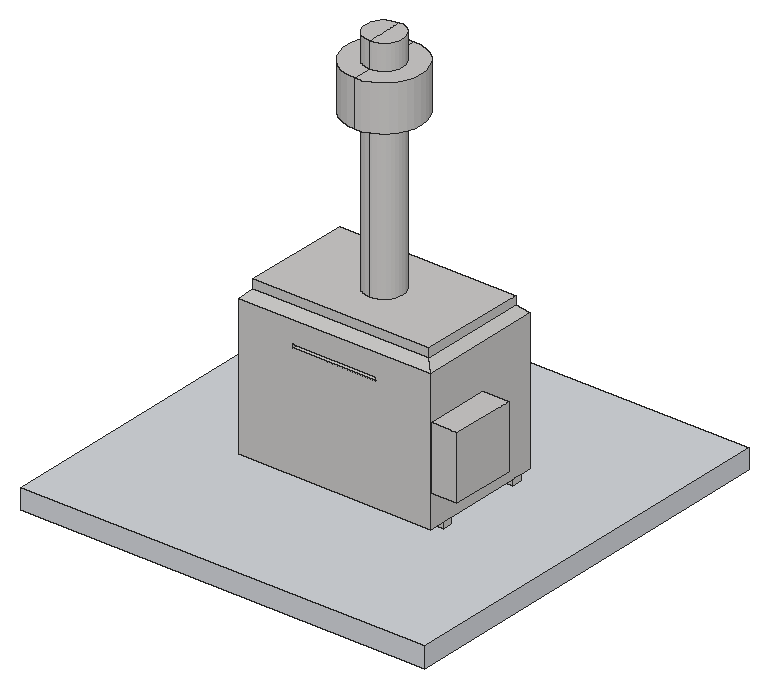
Revit family "DC_Rheem_PLM_Raypak_B0868HWT", category Plumbing Fixtures, host Face, Revit 2020
Family settings
  Host = Face
  Round Connector Dimension = Use Radius
  Part Type = Normal
  Cut with Voids When Loaded = No
  Shared = No
  Room Calculation Point = No
Parameters (values of type "Raypak - Gas Water Heater- Outdoor - 820 MJ/h  Propane gas, On/Off gas control")
  Width_ANZRS = 1160 mm
  URL = "http://www.rheem.com.au/CommercialProducts"
  Type Comments = "Recovery 3096L/h @ 50°C rise\r\n"
  TopH2_ANZRS = 275 mm
  TopH1_ANZRS = 150 mm
  TopDiaSmall_ANZRS = 225 mm
  TopDiaBig_ANZRS = 450 mm
  T_ANZRS = 50 mm
  Materials_ANZRS = Raypak - Grey Power Coated Steel
  PVRDist_ANZRS = 85 mm
  PRV_ANZRS = 15 mm
  Model = "B0868PCO/HWT\r\n\r\n\r\n\r\n"
  Manufacturer = "Raypak\r\n"
  Length_ANZRS = 750 mm
  L1_ANZRS = 387 mm
  HotWateroutletradius_ANZRS = 32.5 mm
  HotWateroutletDiameter_ANZRS = HotWateroutletradius_ANZRS * 2  # 65 mm
  HotWaterConn.Dist_ANZRS = 155 mm
  Height_ANZRS = 2355 mm
  H1_ANZRS = 935 mm
  GasInletradius_ANZRS = 20 mm
  GasInletHeight_ANZRS = 435 mm
  GasInletDiameter_ANZRS = GasInletradius_ANZRS * 2  # 40 mm
  GasConn.Dist_ANZRS = 95 mm
  EleBoxW_ANZRS = 160 mm
  EleBoxHeightFromBase_ANZRS = 235 mm
  EleBoxHeight_ANZRS = 380 mm
  DesignBy_ANZRS = "Design Content ©"
  Description = "Raypak - Gas Water Heater- Outdoor - 820 MJ/h  Propane gas, On/Off gas control\r\n"
  Default Elevation = 0 mm
  ConnHeight_ANZRS = 745 mm
  ColdWaterInletRadius_ANZRS = 32.5 mm
  ColdWaterInletDiameter_ANZRS = ColdWaterInletRadius_ANZRS * 2  # 65 mm
  ColdWaterConn.Dist_ANZRS = 280 mm
  BoxHeight_ANZRS = 975 mm
  Base1Dist_ANZRS = 75 mm
  BaseWidth_ANZRS = 55 mm
  BaseHeight_ANZRS = 35 mm
  Basae2Dist_ANZRS = 95 mm
  Author_ANZRS = "DM"
  Assembly Code = ""
Types (5, lengths in mm): name | URL | Type Comments | Model | GasInletradius_ANZRS | GasInletDiameter_ANZRS | Description
  (no name) | "http://www.rheem.com.au/downloads/PDF/Raypak_Mechanical_Heating_Brochure_July_09.pdf\r\n" | "Recovery 3354L/h @ 50°C rise\r\n" | "B0868NCO/HWT\r\n\r\n" | 16 | 32 | "Raypak - Gas Water Heater- Outdoor - 870 MJ/h  Natural gas, On/Off gas control\r\n"
  Raypak - Gas Water Heater- Outdoor - 870 MJ/h  Natural gas, modulating gas control | "http://www.rheem.com.au/CommercialProducts" | "Recovery 3354L/h @ 50°C rise\r\n" | "B0868NCM/HWT\r\n" | 20 | 40 | "Raypak - Gas Water Heater- Outdoor - 870 MJ/h  Natural gas, modulating gas control\r\n"
  Raypak - Gas Water Heater- Outdoor - 870 MJ/h  Natural gas, On/Off gas control | "http://www.rheem.com.au/CommercialProducts" | "Recovery 3354L/h @ 50°C rise\r\n" | "B0868NCO/HWT\r\n\r\n" | 16 | 32 | "Raypak - Gas Water Heater- Outdoor - 870 MJ/h  Natural gas, On/Off gas control\r\n"
  Raypak - Gas Water Heater- Outdoor - 820 MJ/h  Propane gas, modulating gas control | "http://www.rheem.com.au/CommercialProducts" | "Recovery 3096L/h @ 50°C rise\r\n" | "B0868PCM/HWT\r\n\r\n\r\n" | 10 | 20 | "Raypak - Gas Water Heater- Outdoor - 820 MJ/h  Propane gas, modulating gas control\r\n"
  Raypak - Gas Water Heater- Outdoor - 820 MJ/h  Propane gas, On/Off gas control | "http://www.rheem.com.au/CommercialProducts" | "Recovery 3096L/h @ 50°C rise\r\n" | "B0868PCO/HWT\r\n\r\n\r\n\r\n" | 20 | 40 | "Raypak - Gas Water Heater- Outdoor - 820 MJ/h  Propane gas, On/Off gas control\r\n"
Reference planes
  plane 1 "Center (Front/Back)": y = 0
  plane 2: z = 0
  plane 3 "Center (Left/Right)": x = 0
  plane 4: y = 375
  plane 5: y = -375
  plane 6: x = -580
  plane 7: x = 580
  plane 8: z = 35
  plane 9: z = 975
  plane 10: y = 300
  plane 11: y = 245
  plane 12: y = -225
  plane 13: y = -280
  plane 14: y = -280
  plane 15: y = 220
  plane 16: y = -60
  plane 17: z = 745
  plane 18: y = 290
  plane 19: y = 112.5
  plane 20: y = -112.5
  plane 21: y = 225
  plane 22: y = -225
  plane 23: z = 2355
  plane 24: z = 2205
  plane 25: z = 1930
  plane 26: y = 325
  plane 27: y = -325
  plane 28: z = 925
  plane 29: z = 875
  plane 30: z = 435
  plane 31: x = -225
  plane 32: x = 225
  plane 33: x = -112.5
  plane 34: x = 112.5
  plane 35: x = 740
  plane 36: z = 615
  plane 37: z = 235
  plane 38: z = 725
  plane 39: x = 250
  plane 40: x = -250
  plane 41: y = -365
  plane 42: x = -570
  plane 43: y = 10
Forms (mm)
  Extrusion 1, solid
    sketch origin (0, 0, 0) x (1, 0, 0) y (0, 1, 0)
      loop
        line (-1219.2, 1219.2) -> (-1219.2, -1219.2) -> (1219.2, -1219.2) -> (1219.2, 1219.2) -> (-1219.2, 1219.2)
    from 0 to -120
  Extrusion 2, solid, material "Raypak - Grey Power Coated Steel" <- "Materials_ANZRS"
    sketch origin (0, 0, 0) x (1, 0, 0) y (0, 1, 0)
      loop
        line (-580, 375) -> (-580, -375) -> (580, -375) -> (580, 375) -> (-580, 375)
    from 35 to 975
  Sweep 3, void
    path origin (0, 0, 0) x (1, 0, 0) y (0, 1, 0)
      loop
        line (-580, 375) -> (-580, -375) -> (580, -375) -> (580, 375) -> (-580, 375)
    profile origin (0, 375, 0) x (0, 1, 0) y (0, 0, 1)
      loop
        line (-50, 975) -> (-50, 925) -> (0, 875) -> (0, 975) -> (-50, 975)
  Extrusion 4, solid, material "Raypak - Grey Power Coated Steel" <- "Materials_ANZRS"
    sketch origin (0, 0, 0) x (0, 1, 0) y (0, 0, 1)
      loop
        line (300, 35) -> (245, 35) -> (245, 0) -> (300, 0) -> (300, 35)
      loop
        line (-225, 35) -> (-280, 35) -> (-280, 0) -> (-225, 0) -> (-225, 35)
    from -580 to 580
  Revolve 5, solid, material "Raypak - Grey Power Coated Steel" <- "Materials_ANZRS"
    sketch origin (0, 0, 0) x (0, 1, 0) y (0, 0, 1)
      loop
        line (0, 2355) -> (-112.5, 2355) -> (-112.5, 2205) -> (-225, 2205) -> (-225, 1930) -> (-112.5, 1930) -> (-112.5, 975) -> (0, 975) -> (0, 2355)
      axis (0, 2355) -> (0, 975)
    angle from 0 to 360
  Extrusion 6, solid, material "Raypak - Grey Power Coated Steel" <- "Materials_ANZRS"
    sketch origin (0, 0, 0) x (1, 0, 0) y (0, 0, 1)
      loop
        line (580, 615) -> (580, 235) -> (740, 235) -> (740, 615) -> (580, 615)
    from -10 to 375
  Extrusion 7, void
    sketch origin (0, 0, 0) x (1, 0, 0) y (0, 0, 1)
      loop
        line (-250, 745) -> (-250, 725) -> (250, 725) -> (250, 745) -> (-250, 745)
    from 344.946 to 375
  Extrusion 8, void
    sketch origin (0, 0, 0) x (0, 1, 0) y (0, 0, 1)
      loop
        circle (290, 745) r 15
      loop
        circle (220, 745) r 32.5
      loop
        circle (-60, 745) r 32.5
      loop
        circle (-280, 435) r 20
    from -580 to -570
Cuts and joins
  Sweep 3, Extrusion 7, Extrusion 8 cuts Extrusion 2
Lines and regions (mm)
  Masking region 1
    outline origin (0, 0, 0) x (1, 0, 0) y (0, 0, 1)
      loop
        line (225, 1930) -> (225, 2205) -> (112.5, 2205) -> (112.5, 2355) -> (-112.5, 2355) -> (-112.5, 2205) -> (-225, 2205) -> (-225, 1930) -> (-112.5, 1930) -> (-112.5, 975) -> (-530, 975) -> (-530, 925) -> (-580, 875) -> (-580, 0) -> (580, 0) -> (580, 235) -> (740, 235) -> (740, 615) -> (580, 615) -> (580, 875) -> (530, 925) -> (530, 975) -> (112.5, 975) -> (112.5, 1930) -> (225, 1930)
  Masking region 2
    outline origin (0, 0, 0) x (0, 1, 0) y (0, 0, 1)
      loop
        line (-112.5, 975) -> (-325, 975) -> (-325, 925) -> (-375, 875) -> (-375, 0) -> (375, 0) -> (375, 875) -> (325, 925) -> (325, 975) -> (112.5, 975) -> (112.5, 1930) -> (225, 1930) -> (225, 2205) -> (112.5, 2205) -> (112.5, 2355) -> (-112.5, 2355) -> (-112.5, 2205) -> (-225, 2205) -> (-225, 1930) -> (-112.5, 1930) -> (-112.5, 975)
  symbolic lines, style "Rheem Raypak", detail levels fine
    curve 1: line (580, 375, 0) -> (-580, 375, 0)
    curve 2: line (580, -375, 0) -> (580, 375, 0)
    curve 3: line (-580, -375, 0) -> (580, -375, 0)
    curve 4: line (-580, 375, 0) -> (-580, -375, 0)
    curve 5: line (-530, -325, 0) -> (-530, 325, 0)
    curve 6: line (-530, 325, 0) -> (530, 325, 0)
    curve 7: line (530, 325, 0) -> (530, -325, 0)
    curve 8: line (530, -325, 0) -> (-530, -325, 0)
    curve 9: line (580, 375, 0) -> (530, 325, 0)
    curve 10: line (530, -325, 0) -> (580, -375, 0)
    curve 11: line (-530, -325, 0) -> (-580, -375, 0)
    curve 12: line (-530, 325, 0) -> (-580, 375, 0)
    curve 13: arc (0, 225, 0) -> (225, 0, 0) -> (0, -225, 0) r 225
    curve 14: arc (0, -225, 0) -> (-225, 0, 0) -> (0, 225, 0) r 225
    curve 15: arc (0, -112.5, 0) -> (-112.5, 0, 0) -> (0, 112.5, 0) r 112.5
    curve 16: arc (0, 112.5, 0) -> (112.5, 0, 0) -> (0, -112.5, 0) r 112.5
    curve 17: line (740, -375, 0) -> (740, 10, 0)
    curve 18: line (740, 10, 0) -> (580, 10, 0)
    curve 19: line (580, -375, 0) -> (740, -375, 0)
    curve 20: line (530, 0, 975) -> (-530, 0, 975)
    curve 21: line (-530, 0, 925) -> (530, 0, 925)
    curve 22: line (530, 0, 975) -> (530, 0, 925)
    curve 23: line (-530, 0, 925) -> (-530, 0, 975)
    curve 24: line (-580, 0, 875) -> (-530, 0, 925)
    curve 25: line (530, 0, 925) -> (580, 0, 875)
    curve 26: line (580, 0, 875) -> (-580, 0, 875)
    curve 27: line (580, 0, 35) -> (580, 0, 875)
    curve 28: line (-580, 0, 875) -> (-580, 0, 35)
    curve 29: line (250, 0, 745) -> (-250, 0, 745)
    curve 30: line (-250, 0, 725) -> (250, 0, 725)
    curve 31: line (-250, 0, 745) -> (-250, 0, 725)
    curve 32: line (250, 0, 725) -> (250, 0, 745)
    curve 33: line (740, 0, 615) -> (580, 0, 615)
    curve 34: line (740, 0, 235) -> (740, 0, 615)
    curve 35: line (580, 0, 235) -> (740, 0, 235)
    curve 36: line (-580, 0, 35) -> (580, 0, 35)
    curve 37: line (-580, 0, 35) -> (-580, 0, 0)
    curve 38: line (580, 0, 0) -> (580, 0, 35)
    curve 39: line (-580, 0, 0) -> (580, 0, 0)
    curve 40: line (0, 0, 2205) -> (225, 0, 2205)
    curve 41: line (-225, 0, 2205) -> (0, 0, 2205)
    curve 42: line (-225, 0, 1930) -> (0, 0, 1930)
    curve 43: line (0, 0, 1930) -> (225, 0, 1930)
    curve 44: line (-112.5, 0, 2355) -> (0, 0, 2355)
    curve 45: line (0, 0, 2355) -> (112.5, 0, 2355)
    curve 46: line (-112.5, 0, 1930) -> (-112.5, 0, 975)
    curve 47: line (112.5, 0, 975) -> (112.5, 0, 1930)
    curve 48: line (112.5, 0, 2205) -> (112.5, 0, 2355)
    curve 49: line (-112.5, 0, 2355) -> (-112.5, 0, 2205)
    curve 50: line (0, 325, 975) -> (0, -325, 975)
    curve 51: line (0, 325, 925) -> (0, -325, 925)
    curve 52: line (0, -375, 875) -> (0, 375, 875)
    curve 53: line (0, -375, 875) -> (0, -325, 925)
    curve 54: line (0, -325, 925) -> (0, -325, 975)
    curve 55: line (0, 325, 975) -> (0, 325, 925)
    curve 56: line (0, 325, 925) -> (0, 375, 875)
    curve 57: line (0, 375, 35) -> (0, 375, 875)
    curve 58: line (0, -375, 875) -> (0, -375, 35)
    curve 59: line (0, -375, 35) -> (0, 375, 35)
    curve 60: line (0, 300, 0) -> (0, 300, 35)
    curve 61: line (0, 245, 35) -> (0, 245, 0)
    curve 62: line (0, 245, 0) -> (0, 300, 0)
    curve 63: line (0, -280, 35) -> (0, -280, 0)
    curve 64: line (0, -225, 0) -> (0, -225, 35)
    curve 65: line (0, -280, 0) -> (0, -225, 0)
    curve 66: line (0, -112.5, 2355) -> (0, 112.5, 2355)
    curve 67: line (0, -225, 2205) -> (0, 225, 2205)
    curve 68: line (0, -225, 1930) -> (0, 225, 1930)
    curve 69: line (0, -112.5, 1930) -> (0, -112.5, 975)
    curve 70: line (0, 112.5, 975) -> (0, 112.5, 1930)
    curve 71: line (0, 112.5, 2205) -> (0, 112.5, 2355)
    curve 72: line (0, -112.5, 2355) -> (0, -112.5, 2205)
Dimensions and locks
  equal spacing: plane 4, plane 1 "Center (Front/Back)", plane 5
  "Length_ANZRS": plane 4 to plane 5
  equal spacing: plane 6, plane 3 "Center (Left/Right)", plane 7
  "Width_ANZRS": plane 6 to plane 7
  "BaseHeight_ANZRS": plane 8 to Extrusion 1
  "BoxHeight_ANZRS": plane 9 to Extrusion 1
  "Base1Dist_ANZRS": plane 4 to plane 10
  "BaseWidth_ANZRS": plane 10 to plane 11
  "Basae2Dist_ANZRS": plane 13 to plane 5
  "BaseWidth_ANZRS": plane 12 to plane 13
  "GasConn.Dist_ANZRS": plane 14 to plane 5
  "HotWaterConn.Dist_ANZRS": plane 4 to plane 15
  "ColdWaterConn.Dist_ANZRS": plane 15 to plane 16
  "ConnHeight_ANZRS": plane 17 to Extrusion 1
  "PVRDist_ANZRS": plane 4 to plane 18
  equal spacing: plane 19, plane 1 "Center (Front/Back)", plane 20
  "TopDiaSmall_ANZRS": plane 19 to plane 20
  equal spacing: plane 21, plane 1 "Center (Front/Back)", plane 22
  "TopDiaBig_ANZRS": plane 21 to plane 22
  "Height_ANZRS": plane 23 to Extrusion 1
  "T_ANZRS": plane 4 to plane 26
  "T_ANZRS": plane 27 to plane 5
  equal spacing: plane 9, plane 28, plane 29
  "T_ANZRS": plane 28 to plane 29
  "TopH1_ANZRS": plane 23 to plane 24
  "TopH2_ANZRS": plane 24 to plane 25
  "GasInletHeight_ANZRS": plane 30 to Extrusion 1
  equal spacing: plane 33, plane 3 "Center (Left/Right)", plane 34
  equal spacing: plane 31, plane 3 "Center (Left/Right)", plane 32
  "TopDiaBig_ANZRS": plane 31 to plane 32
  "TopDiaSmall_ANZRS": plane 33 to plane 34
  "EleBoxW_ANZRS": plane 35 to plane 7
  "EleBoxHeight_ANZRS": plane 36 to plane 37
  "EleBoxHeightFromBase_ANZRS": plane 37 to Extrusion 1
  equal spacing: plane 39, plane 3 "Center (Left/Right)", plane 40
  plane 39 to plane 40 = 500 mm
  locked: plane 41 to plane 5 at 10
  locked: plane 6 to plane 42 at 10
  plane 4 to plane 5 = 750 mm
  plane 9 to level = 975 mm
  "GasInletradius_ANZRS": radius of Extrusion 8 sketch curve
  "ColdWaterInletRadius_ANZRS": radius of Extrusion 8 sketch curve
  "HotWateroutletradius_ANZRS": radius of Extrusion 8 sketch curve
  "PRV_ANZRS": radius of Extrusion 8 sketch curve
  aligned and locked: plane 2 to Extrusion 1
  aligned and locked: level to Extrusion 1
  aligned and locked: Extrusion 2 sketch curve to plane 4
  aligned and locked: plane 6 to Extrusion 2 sketch curve
  aligned and locked: Extrusion 2 sketch curve to plane 5
  aligned and locked: plane 7 to Extrusion 2 sketch curve
  aligned and locked: Extrusion 2 to plane 8
  aligned and locked: plane 9 to Extrusion 2
  aligned and locked: Sweep 3 sketch curve to Extrusion 2  (x4)
  aligned and locked: plane 26 to Sweep 3 sketch curve
  aligned and locked: plane 9 to Sweep 3 sketch curve
  aligned and locked: plane 4 to Sweep 3 sketch curve
  aligned and locked: plane 8 to Extrusion 4 sketch curve  (x2)
  aligned and locked: Extrusion 4 sketch curve to plane 10
  aligned and locked: Extrusion 4 sketch curve to level  (x2)
  aligned and locked: plane 11 to Extrusion 4 sketch curve
  aligned and locked: Extrusion 4 sketch curve to plane 12
  aligned and locked: plane 14 to Extrusion 4 sketch curve
  aligned and locked: Extrusion 4 to plane 6
  aligned and locked: Extrusion 4 to plane 7
  aligned and locked: plane 23 to Revolve 5 sketch curve
  aligned and locked: Revolve 5 sketch curve to plane 20
  aligned and locked: plane 24 to Revolve 5 sketch curve
  aligned and locked: Revolve 5 sketch curve to plane 25
  aligned and locked: Revolve 5 sketch curve to plane 22
  aligned and locked: Revolve 5 sketch curve to plane 1 "Center (Front/Back)"
  aligned and locked: plane 9 to Revolve 5 sketch curve
  aligned and locked: Extrusion 6 sketch curve to plane 36
  aligned and locked: Extrusion 6 sketch curve to plane 7
  aligned and locked: plane 37 to Extrusion 6 sketch curve
  aligned and locked: Extrusion 6 sketch curve to plane 35
  aligned and locked: Extrusion 7 sketch curve to plane 17
  aligned and locked: plane 40 to Extrusion 7 sketch curve
  aligned and locked: plane 38 to Extrusion 7 sketch curve
  aligned and locked: Extrusion 7 sketch curve to plane 39
  aligned and locked: plane 5 to Extrusion 7
  aligned and locked: plane 17 to Extrusion 8 sketch curve  (x3)
  aligned and locked: plane 18 to Extrusion 8 sketch curve
  aligned and locked: plane 15 to Extrusion 8 sketch curve
  aligned and locked: plane 16 to Extrusion 8 sketch curve
  aligned and locked: plane 14 to Extrusion 8 sketch curve
  aligned and locked: plane 30 to Extrusion 8 sketch curve
  aligned and locked: Extrusion 8 to plane 6
  aligned and locked: Extrusion 8 to plane 42
  aligned and locked: plane 32 to Masking region 1 sketch curve
  aligned and locked: Masking region 1 sketch curve to plane 31
  aligned and locked: Masking region 1 sketch curve to plane 33
  aligned and locked: Masking region 1 sketch curve to plane 34
  aligned and locked: Masking region 1 sketch curve to plane 23
  aligned and locked: plane 25 to Masking region 1 sketch curve
  aligned and locked: Masking region 1 sketch curve to plane 9
  aligned and locked: plane 7 to Masking region 1 sketch curve
  aligned and locked: Masking region 1 sketch curve to plane 6
  aligned and locked: Masking region 1 sketch curve to plane 36
  aligned and locked: Masking region 1 sketch curve to plane 35
  aligned and locked: Masking region 1 sketch curve to plane 37
  aligned and locked: Masking region 1 sketch curve to plane 2
  aligned and locked: Masking region 1 sketch curve to cut or joined group of Extrusion 2, Sweep 3, Extrusion 7, Extrusion 8  (x2)
  aligned and locked: Masking region 1 sketch curve to plane 24
  aligned and locked: Masking region 2 sketch curve to plane 20
  aligned and locked: Masking region 2 sketch curve to plane 19
  aligned and locked: plane 23 to Masking region 2 sketch curve
  aligned and locked: plane 24 to Masking region 2 sketch curve
  aligned and locked: Masking region 2 sketch curve to plane 25
  aligned and locked: plane 21 to Masking region 2 sketch curve
  aligned and locked: Masking region 2 sketch curve to plane 22
  aligned and locked: plane 9 to Masking region 2 sketch curve
  aligned and locked: plane 26 to Masking region 2 sketch curve
  aligned and locked: Masking region 2 sketch curve to plane 27
  aligned and locked: Masking region 2 sketch curve to plane 5
  aligned and locked: plane 4 to Masking region 2 sketch curve
  aligned and locked: Extrusion 1 to Masking region 2 sketch curve
  aligned: plane 4 to Extrusion 6
  aligned and locked: plane 5 to Extrusion 6
Automatic sketch dimensions
  Extrusion 1 sketch curve to Extrusion 1 sketch curve = 2438.4 mm  (x2)
  Sweep 3 sketch curve to Sweep 3 sketch curve = 50 mm  (x2)
  Revolve 5 sketch curve to plane 1 "Center (Front/Back)" = 0 mm
  Revolve 5 sketch curve to level = 2207.352 mm
  Revolve 5 sketch curve to plane 20 = 0 mm
  plane 23 to Revolve 5 sketch curve = 213.807 mm
  plane 7 to Masking region 1 sketch curve = 0 mm
  Masking region 1 sketch curve to plane 28 = 0 mm  (x2)
  Masking region 1 sketch curve to plane 29 = 0 mm  (x2)
  Masking region 1 sketch curve to plane 9 = 0 mm
  Masking region 1 sketch curve to plane 34 = 0 mm
  Masking region 1 sketch curve to plane 24 = 0 mm
  Masking region 1 sketch curve to plane 25 = 0 mm
  plane 33 to Masking region 1 sketch curve = 0 mm
  Masking region 2 sketch curve to plane 29 = 0 mm  (x2)
  Masking region 2 sketch curve to plane 28 = 0 mm  (x2)
  Masking region 2 sketch curve to plane 9 = 0 mm
  Masking region 2 sketch curve to plane 20 = 0 mm
  plane 25 to Masking region 2 sketch curve = 0 mm
  Masking region 2 sketch curve to plane 19 = 0 mm
  Masking region 2 sketch curve to plane 24 = 0 mm
  curve 39 to level = 0 mm
  curve 28 to plane 6 = 0 mm
  curve 24 to plane 28 = 0 mm
  curve 30 to plane 38 = 0 mm
  curve 30 to plane 40 = 0 mm
  plane 31 to curve 41 = 0 mm
  plane 31 to curve 42 = 0 mm
  plane 33 to curve 46 = 0 mm
  curve 49 to plane 33 = 0 mm
  curve 44 to plane 23 = 0 mm
  curve 40 to plane 3 "Center (Left/Right)" = 0 mm
  curve 43 to plane 3 "Center (Left/Right)" = 0 mm
  curve 44 to plane 3 "Center (Left/Right)" = 0 mm
  plane 34 to curve 47 = 0 mm
  curve 48 to plane 34 = 0 mm
  curve 43 to plane 32 = 0 mm
  curve 40 to plane 32 = 0 mm
  curve 32 to plane 17 = 0 mm
  curve 30 to plane 39 = 0 mm
  curve 22 to plane 9 = 0 mm
  plane 7 to curve 33 = 0 mm
  curve 34 to plane 35 = 0 mm
  curve 28 to plane 8 = 0 mm
  curve 35 to plane 37 = 0 mm
  curve 34 to plane 36 = 0 mm
  curve 27 to plane 29 = 0 mm
  curve 24 to plane 42 = 40 mm
  plane 7 to curve 22 = 50 mm
  curve 46 to plane 25 = 0 mm
  plane 24 to curve 41 = 0 mm
  curve 59 to plane 5 = 0 mm
  curve 54 to plane 27 = 0 mm
  curve 63 to plane 13 = 0 mm
  curve 64 to plane 8 = 0 mm
  curve 64 to plane 12 = 0 mm
  curve 68 to plane 12 = 0 mm
  curve 67 to plane 12 = 0 mm
  curve 69 to plane 20 = 0 mm
  curve 72 to plane 20 = 0 mm
  curve 71 to plane 19 = 0 mm
  curve 70 to plane 19 = 0 mm
  curve 68 to plane 21 = 0 mm
  curve 67 to plane 21 = 0 mm
  curve 61 to plane 11 = 0 mm
  curve 62 to level = 0 mm
  curve 60 to plane 10 = 0 mm
  curve 51 to plane 26 = 0 mm
  curve 57 to plane 4 = 0 mm
  curve 63 to level = 0 mm
  curve 53 to plane 29 = 0 mm
  curve 53 to plane 28 = 0 mm
  curve 70 to plane 9 = 0 mm
  curve 71 to plane 23 = 0 mm
  curve 68 to plane 25 = 0 mm
  plane 24 to curve 67 = 0 mm
  curve 13 to curve 15 = 0 mm  (x2)
  plane 5 to curve 11 = 0 mm
  curve 11 to plane 6 = 0 mm
  curve 8 to plane 27 = 0 mm
  plane 26 to curve 5 = 0 mm
  curve 16 to plane 3 "Center (Left/Right)" = 0 mm
  curve 18 to plane 7 = 0 mm
  curve 17 to plane 35 = 0 mm
  plane 12 to curve 14 = 0 mm
  plane 20 to curve 15 = 0 mm
  plane 1 "Center (Front/Back)" to curve 16 = 0 mm
  plane 43 to curve 17 = 0 mm
  curve 12 to plane 4 = 0 mm
  curve 8 to plane 42 = 40 mm
  plane 7 to curve 7 = 50 mm
Connectors
  piping at (-580, 290, 745), diameter 30, driven by "PRV_ANZRS"
    settings: on cut or joined group of Extrusion 2, Sweep 3, Extrusion 7, Extrusion 8, index 1, connector inside diameter 1.1811", connector length 0 mm, flow factor 0, pipe flow 0 GPM, pressure drop 0.00 psi, fitting loss kfactor 0, connector angle 0.00°, fixture units 0, engagement length 0 mm, angle of deflection 0.00°, flow configuration 1, flow direction 2, fitting loss method 0, system type 22, joint type 0, gender type 0, connector reference index -1, connector utility 0, adjustable connector no, is connector primary yes, connector description "PRV"
  piping at (-580, 220, 745), diameter 65, driven by "HotWateroutletradius_ANZRS"
    settings: on cut or joined group of Extrusion 2, Sweep 3, Extrusion 7, Extrusion 8, index 2, connector inside diameter 2.55906", connector length 0 mm, flow factor 0, pipe flow 0 GPM, pressure drop 0.00 psi, fitting loss kfactor 0, connector angle 0.00°, fixture units 0, engagement length 0 mm, angle of deflection 0.00°, flow configuration 1, flow direction 2, fitting loss method 0, system type 19, joint type 0, gender type 0, connector reference index -1, connector utility 0, adjustable connector no, is connector primary no, connector description ""
  piping at (-580, -60, 745), diameter 65, driven by "ColdWaterInletRadius_ANZRS"
    settings: on cut or joined group of Extrusion 2, Sweep 3, Extrusion 7, Extrusion 8, index 3, connector inside diameter 2.55906", connector length 0 mm, flow factor 0, pipe flow 0 GPM, pressure drop 0.00 psi, fitting loss kfactor 0, connector angle 0.00°, fixture units 0, engagement length 0 mm, angle of deflection 0.00°, flow configuration 1, flow direction 1, fitting loss method 0, system type 20, joint type 0, gender type 0, connector reference index -1, connector utility 0, adjustable connector no, is connector primary no, connector description ""
  piping at (-580, -280, 435), diameter 40, driven by "GasInletradius_ANZRS"
    settings: on cut or joined group of Extrusion 2, Sweep 3, Extrusion 7, Extrusion 8, index 4, connector inside diameter 1.25984", connector length 0 mm, flow factor 0, pipe flow 0 GPM, pressure drop 0.00 psi, fitting loss kfactor 0, connector angle 0.00°, fixture units 0, engagement length 0 mm, angle of deflection 0.00°, flow configuration 1, flow direction 1, fitting loss method 0, system type 22, joint type 0, gender type 0, connector reference index -1, connector utility 0, adjustable connector no, is connector primary no, connector description "Gas"
